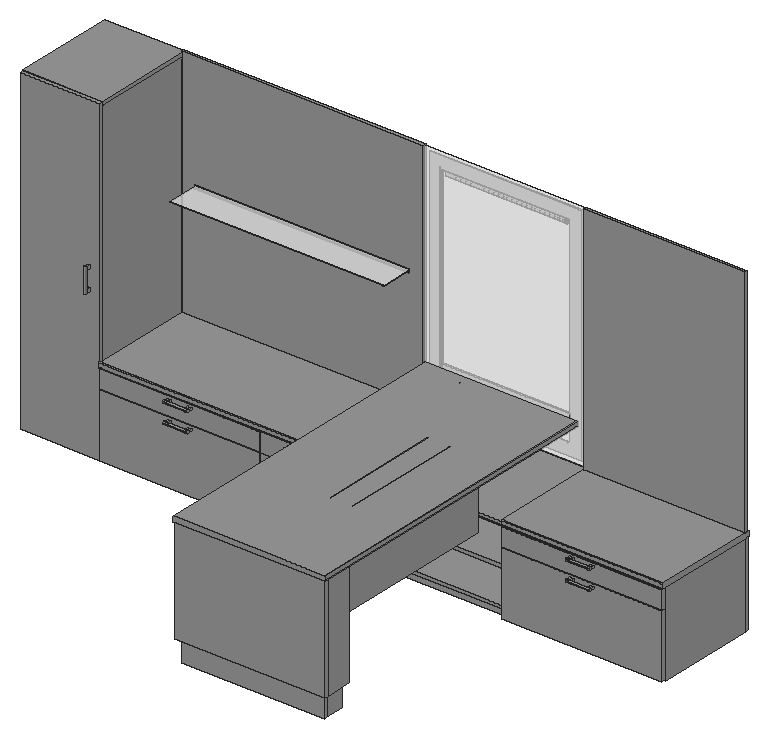
Revit family "JSI-Vision-Typical_Laminate-VST122", category Furniture, Revit 2020 (continued)
Definition of nested family "JSI-Vision-Wall_Panel_Markerboard_Laminate-Glass_Shelf"
  Dimensions and locks (in)
    plane 5 to Extrusion 4 sketch curve to Extrusion 4 sketch curve to Extrusion 4 sketch curve to Extrusion 4 sketch curve to Extrusion 4 sketch curve to Extrusion 4 sketch curve to Extrusion 4 sketch curve to Extrusion 4 sketch curve to Extrusion 4 sketch curve to Extrusion 4 sketch curve to Extrusion 4 sketch curve to Extrusion 4 sketch curve to Extrusion 4 sketch curve to Extrusion 4 sketch curve to Extrusion 4 sketch curve to Extrusion 4 sketch curve to Extrusion 4 sketch curve to Extrusion 4 sketch curve = 4 1/8" locked, 5/8" locked, 1/4" locked, 0.10913" locked, 0.06025" locked, 0.06475" locked, 0.06025" locked, 0.06475" locked, 0.06025" locked, 0.06475" locked, 0.06025" locked, 0.06475" locked, 0.06025" locked, 0.06475" locked, 0.06025" locked, 0.06475" locked, 0.06025" locked, 0.08062" locked
    Extrusion 5 sketch curve to Extrusion 5 sketch curve to Extrusion 5 sketch curve to Extrusion 5 sketch curve = 0.075" locked, 0.02" locked, 0.105" locked  (x2)
    Extrusion 5 sketch curve to Extrusion 5 sketch curve to Extrusion 5 sketch curve to Extrusion 5 sketch curve to Extrusion 5 sketch curve to Extrusion 5 sketch curve to Extrusion 5 sketch curve to Extrusion 5 sketch curve to Extrusion 5 sketch curve to Extrusion 5 sketch curve to Extrusion 5 sketch curve to Extrusion 5 sketch curve to Extrusion 5 sketch curve to Extrusion 5 sketch curve to Extrusion 5 sketch curve to Extrusion 5 sketch curve to Extrusion 5 sketch curve to Extrusion 5 sketch curve to plane 5 = 5/8" locked, 1/4" locked, 0.10913" locked, 0.06025" locked, 0.06475" locked, 0.06025" locked, 0.06475" locked, 0.06025" locked, 0.06475" locked, 0.06025" locked, 0.06475" locked, 0.06025" locked, 0.06475" locked, 0.06025" locked, 0.06475" locked, 0.06025" locked, 0.08062" locked, 2 7/8" locked
    plane 8 to Extrusion 5 sketch curve to Extrusion 5 sketch curve to Extrusion 5 sketch curve to Extrusion 5 sketch curve to Extrusion 5 sketch curve to Extrusion 5 sketch curve to Extrusion 5 sketch curve to Extrusion 5 sketch curve to Extrusion 5 sketch curve to Extrusion 5 sketch curve to Extrusion 5 sketch curve to Extrusion 5 sketch curve to Extrusion 5 sketch curve to Extrusion 5 sketch curve to Extrusion 5 sketch curve to Extrusion 5 sketch curve to Extrusion 5 sketch curve to Extrusion 5 sketch curve = 3" locked, 5/8" locked, 1/4" locked, 0.10913" locked, 0.06025" locked, 0.06475" locked, 0.06025" locked, 0.06475" locked, 0.06025" locked, 0.06475" locked, 0.06025" locked, 0.06475" locked, 0.06025" locked, 0.06475" locked, 0.06025" locked, 0.06475" locked, 0.06025" locked, 0.08062" locked
    Extrusion 6 sketch curve to Extrusion 6 sketch curve to Extrusion 6 sketch curve to Extrusion 6 sketch curve = 0.075" locked, 0.02" locked, 0.105" locked  (x2)
    Extrusion 6 sketch curve to Extrusion 6 sketch curve to Extrusion 6 sketch curve to Extrusion 6 sketch curve to Extrusion 6 sketch curve to Extrusion 6 sketch curve to Extrusion 6 sketch curve to Extrusion 6 sketch curve to Extrusion 6 sketch curve to Extrusion 6 sketch curve to Extrusion 6 sketch curve to Extrusion 6 sketch curve to Extrusion 6 sketch curve to Extrusion 6 sketch curve to Extrusion 6 sketch curve to Extrusion 6 sketch curve to Extrusion 6 sketch curve to Extrusion 6 sketch curve = 0.08062" locked, 0.06025" locked, 0.06475" locked, 0.06025" locked, 0.06475" locked, 0.06025" locked, 0.06475" locked, 0.06025" locked, 0.06475" locked, 0.06025" locked, 0.06475" locked, 0.06025" locked, 0.06475" locked, 0.06025" locked, 0.10913" locked, 1/4" locked, 5/8" locked  (x2)
    "Overall Height": plane 5 to plane 4
    Extrusion 3 sketch curve to Extrusion 3 sketch curve to Extrusion 3 sketch curve to Extrusion 3 sketch curve to Extrusion 3 sketch curve to plane 9 to Extrusion 3 sketch curve to Extrusion 3 sketch curve to Extrusion 3 sketch curve to Extrusion 3 sketch curve to Extrusion 3 sketch curve = 0.47224", 0.07343", 0.4589", 0.15251", 0.1829", 0.1829", 0.15251", 0.4589", 0.07343", 0.47224"
    Extrusion 2 sketch curve to Extrusion 2 sketch curve to plane 9 to Extrusion 2 sketch curve to Extrusion 2 sketch curve = 0.03937" locked, 0.07874" locked, 0.07936" locked, 0.03875" locked
    "Dist Shelf": plane 10 to plane 8
    "Dist Shelf": plane 5 to plane 9
    locked: plane 3 "Center Left/Right" to Extrusion 8 at 3.0625
    locked: plane 6 to Extrusion 8 at 3.0625
    aligned and locked: level to plane 2
    aligned and locked: plane 3 "Center Left/Right" to Extrusion 1 sketch curve
    aligned and locked: plane 6 to Extrusion 1 sketch curve
    aligned and locked: Extrusion 1 to plane 6
    aligned and locked: Extrusion 1 to plane 3 "Center Left/Right"
    aligned and locked: Extrusion 1 to plane 8
    aligned and locked: Extrusion 3 sketch curve to Extrusion 3 sketch curve  (x2)
    aligned and locked: Extrusion 4 sketch curve to Extrusion 4 sketch curve  (x14)
    aligned and locked: Extrusion 5 sketch curve to Extrusion 5 sketch curve  (x14)
    aligned and locked: Extrusion 6 sketch curve to Extrusion 6 sketch curve  (x14)
    aligned and locked: curve 1 to Extrusion 1
    aligned and locked: curve 2 to Extrusion 1
    aligned and locked: curve 3 to Extrusion 1
    aligned and locked: curve 4 to Extrusion 1
    aligned and locked: Extrusion 8 sketch curve to Extrusion 8 sketch curve  (x2)
    aligned and locked: Extrusion 7 to Extrusion 2
  Automatic sketch dimensions
    plane 1 "Center Front/Back" to curve 8 = 0"
    curve 6 to plane 7 = 0"
    plane 3 "Center Left/Right" to curve 8 = 1"
    plane 3 "Center Left/Right" to curve 6 = 3 1/32"
    plane 6 to curve 6 = 3 1/32"
    plane 6 to curve 10 = 1"
    Extrusion 1 sketch curve to plane 8 = 0"
    Extrusion 1 sketch curve to plane 5 = 0"
    Extrusion 2 sketch curve to plane 7 = 0"
    plane 7 to Extrusion 2 sketch curve = 0.03875"  (x2)
    plane 1 "Center Front/Back" to Extrusion 2 sketch curve = 0.18812"
    plane 1 "Center Front/Back" to Extrusion 3 sketch curve = 0.99939"
    Extrusion 3 sketch curve to Extrusion 3 sketch curve = 0"
    Extrusion 3 sketch curve to Extrusion 3 sketch curve = 0.26706"  (x2)
    Extrusion 3 sketch curve to Extrusion 3 sketch curve = 0.16855"  (x2)
    plane 1 "Center Front/Back" to Extrusion 3 sketch curve = 0.2"  (x2)
    plane 1 "Center Front/Back" to Extrusion 3 sketch curve = 0.12906"
    Extrusion 3 sketch curve to Extrusion 3 sketch curve = 0.09512"  (x2)
    plane 1 "Center Front/Back" to Extrusion 3 sketch curve = 0.03647"
    Extrusion 4 sketch curve to plane 1 "Center Front/Back" = 0"  (x2)
    plane 1 "Center Front/Back" to Extrusion 4 sketch curve = 0.03197"  (x14)
    Extrusion 5 sketch curve to plane 1 "Center Front/Back" = 0"  (x2)
    Extrusion 5 sketch curve to Extrusion 5 sketch curve = 0.03197"  (x14)
    Extrusion 6 sketch curve to plane 1 "Center Front/Back" = 0"  (x2)
    Extrusion 6 sketch curve to Extrusion 6 sketch curve = 0.03197"  (x14)
    Extrusion 6 sketch curve to plane 5 = 2 7/8"
    plane 8 to Extrusion 6 sketch curve = 4 7/8"
    Extrusion 7 sketch curve to plane 7 = 0"
    plane 7 to Extrusion 7 sketch curve = 0.03875"  (x2)
    plane 1 "Center Front/Back" to Extrusion 7 sketch curve = 0.18812"
    Extrusion 7 sketch curve to plane 10 = 0.11811"
    Extrusion 7 sketch curve to Extrusion 7 sketch curve = 0.03875"
    plane 10 to Extrusion 7 sketch curve = 0.07874"
    plane 10 to Extrusion 7 sketch curve = 0.11811"
    plane 10 to Extrusion 8 sketch curve = 0.1829"
    plane 1 "Center Front/Back" to Extrusion 8 sketch curve = 0.99939"
    Extrusion 8 sketch curve to plane 10 = 0.1829"
    Extrusion 8 sketch curve to Extrusion 8 sketch curve = 0"
    Extrusion 8 sketch curve to Extrusion 8 sketch curve = 0.26706"  (x2)
    Extrusion 8 sketch curve to Extrusion 8 sketch curve = 0.16855"  (x2)
    plane 1 "Center Front/Back" to Extrusion 8 sketch curve = 0.2"  (x2)
    plane 1 "Center Front/Back" to Extrusion 8 sketch curve = 0.12906"
    Extrusion 8 sketch curve to Extrusion 8 sketch curve = 0.09512"  (x2)
    plane 1 "Center Front/Back" to Extrusion 8 sketch curve = 0.03647"
    Extrusion 8 sketch curve to Extrusion 8 sketch curve = 0.15251"  (x2)
    Extrusion 8 sketch curve to Extrusion 8 sketch curve = 0.4589"  (x2)
    Extrusion 8 sketch curve to Extrusion 8 sketch curve = 0.07343"  (x2)
    Extrusion 8 sketch curve to Extrusion 8 sketch curve = 0.47224"  (x2)
Definition of nested family "JSI-Vision-Filler_Back_Panel_for_Bench_Height"
  Parameters (values of type "VSTB0419MBK, Filler Back Panel for Bench Height 18 3/4"H, 4"W")
    Width = 4"
    URL = "www.jsifurniture.com"
    Type Comments = ""
    Series = "Vision Casegoods"  # constant formula
    Back Finish = none
    Model = "VSTB0419MBK"
    Material = ""
    Manufacturer = "JSI"  # constant formula
    Keynote = "12500"  # constant formula
    JSI Enviromental Website = "http://www.jsifurniture.com/jsi_sustainability_intro.php"
    Height = 18 3/4"
    Description = "Filler Back Panel Laminate for Bench Height 3/4\"D x 18 3/4\"H x 4\"W"
    Depth = 3/4"
    Default Elevation = 0"
    Assembly Code = "E2020200"
  Types (2): name | Model | Description
    VSTB0419MBK, Filler Back Panel for Bench Height 18 3/4"H, 4"W | "VSTB0419MBK" | "Filler Back Panel Laminate for Bench Height 3/4\"D x 18 3/4\"H x 4\"W"
    VSVB0419MBK, Filler Back Panel for Bench Height 18 3/4"H, 4"W | "VSVB0419MBK" | "Filler Back Panel Veneer for Bench Height 3/4\"D x 18 3/4\"H x 4\"W"
  Reference planes (in)
    plane 1 "Center Front/Back": y = 0
    plane 2: z = 0
    plane 3 "Center Left/Right": x = 0
    plane 4: z = 0
    plane 5: x = 4
    plane 6: z = 18.75
    plane 7: y = -0.75
  Forms (in)
    Extrusion 1, solid, material <- "Back Finish"
      sketch origin (0, 1.5625, 0) x (1, 0, 0) y (0, 1, 0)
        loop
          line (0, -1.5625) -> (0, -2.3125) -> (4, -2.3125) -> (4, -1.5625) -> (0, -1.5625)
      from 0 to 18.75
  Lines and regions (in)
    symbolic lines
      curve 1: line (0, 0, 0) -> (4, 0, 0)
      curve 2: line (0, -0.75, 0) -> (0, 0, 0)
      curve 3: line (4, -0.75, 0) -> (0, -0.75, 0)
      curve 4: line (4, 0, 0) -> (4, -0.75, 0)
  Dimensions and locks (in)
    "Height": plane 6 to plane 4
    "Depth": plane 7 to plane 1 "Center Front/Back"
    "Width": plane 3 "Center Left/Right" to plane 5
    aligned and locked: level to plane 2
    aligned and locked: plane 6 to Extrusion 1
    aligned and locked: Extrusion 1 to plane 7
    aligned and locked: Extrusion 1 to plane 3 "Center Left/Right"
    aligned and locked: Extrusion 1 to plane 4
    aligned and locked: plane 5 to Extrusion 1
    aligned and locked: curve 1 to Extrusion 1
    aligned and locked: curve 2 to Extrusion 1
    aligned and locked: curve 3 to Extrusion 1
    aligned and locked: curve 4 to Extrusion 1
    aligned and locked: Extrusion 1 to plane 1 "Center Front/Back"
  Automatic sketch dimensions
    Extrusion 1 sketch curve to plane 3 "Center Left/Right" = 0"
    Extrusion 1 sketch curve to plane 5 = 0"
    Extrusion 1 sketch curve to plane 7 = 0"
    Extrusion 1 sketch curve to Extrusion 1 sketch curve = 3/4"
